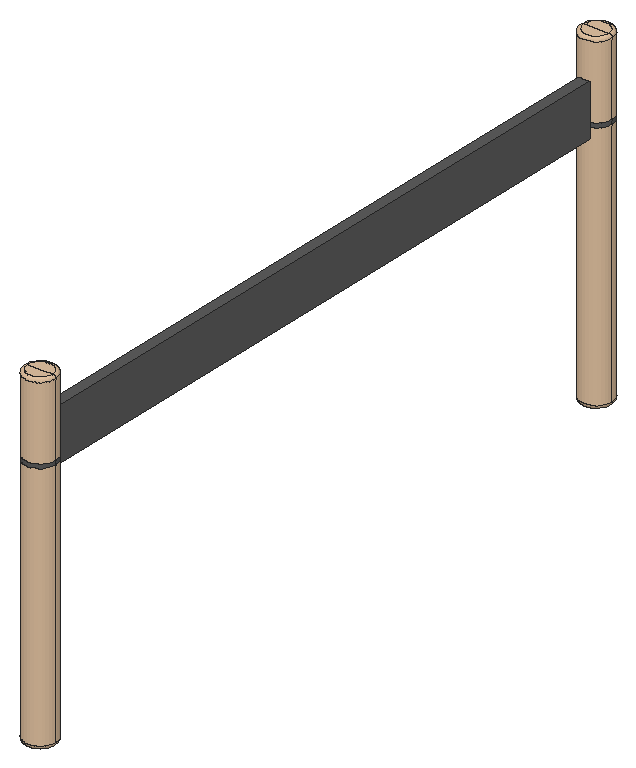
Revit family "FU_Leg_LAP0110", category Furniture, Revit 2020
Family settings
  OmniClass Number = 23.40.20.00
  OmniClass Title = General Furniture and Specialties
  Work Plane-Based = No
  Always vertical = Yes
  Cut with Voids When Loaded = No
  Shared = No
  Room Calculation Point = No
Parameters (values of type "LAP0110 Leg")
  Wood [instance] = Wood - Oak - Natural - V
  Width = 700 mm
  URL = "https://www.sandlerseating.com/product/lapse-wooden-leg/"
  Model = "LAPSE 0110"
  Manufacturer = "Sandler"
  Leg height = 320 mm
  Frame [instance] = Epoxy - M1_B00 - Black
  Description = "Solid wood legs for Lapse in Oak with optional, adjustable glides."
  Depth = 30 mm
  Default Elevation = 0 mm
Reference planes
  plane 1 "Center (Front/Back)": y = 0
  plane 2: z = 0
  plane 3 "Center (Left/Right)": x = 0
  plane 4 "Right": y = -350
  plane 5 "Left": y = 350
  plane 6: x = -15
  plane 7: x = 15
  plane 8 "Leg Height": z = 320
  plane 9 "Support height": z = 283
  plane 10 "Back Foot TOP": y = 335
  plane 11 "Front Foot TOP": y = -335
Forms (mm)
  Extrusion 1, solid, material "Epoxy - M1_B00 - Black" <- "Frame"
    sketch origin (0, 0, 0) x (0, 1, 0) y (0, 0, 1)
      loop
        line (335, 283) -> (-335, 283) -> (-335, 233) -> (335, 233) -> (335, 283)
    from 5 to -5
  Revolve 2, solid, material "Wood - Oak - Natural - V" <- "Wood"
    sketch origin (0, 335, 0) x (-1, 0, 0) y (0, 0, 1)
      loop
        arc (12, 0) -> (14.121, 0.879) -> (15, 3) r 3
        line (15, 3) -> (15, 242.868) -> (0, 242.868) -> (0, 0) -> (12, 0)
      axis (0, 0) -> (0, 242.868)
    angle from 0 to 360
  Revolve 3, solid, material "Wood - Oak - Natural - V" <- "Wood"
    sketch origin (0, 335, 0) x (-1, 0, 0) y (0, 0, 1)
      loop
        line (12, 320) -> (0, 320) -> (0, 247.038) -> (15, 247.038) -> (15, 317)
        arc (15, 317) -> (14.121, 319.121) -> (12, 320) r 3
      axis (0, 320) -> (0, 247.038)
    angle from 0 to 360
  Revolve 4, solid, material "Epoxy - M1_B00 - Black" <- "Frame"
    sketch origin (0, 335, 0) x (-1, 0, 0) y (0, 0, 1)
      loop
        line (0, 242.868) -> (15, 242.868) -> (15, 247.038) -> (0, 247.038) -> (0, 242.868)
      axis (0, 247.038) -> (0, 242.868)
    angle from 0 to 360
  Revolve 5, solid, material "Wood - Oak - Natural - V" <- "Wood"
    sketch origin (0, -335, 0) x (-1, 0, 0) y (0, 0, 1)
      loop
        arc (12, 0) -> (14.121, 0.879) -> (15, 3) r 3
        line (15, 3) -> (15, 242.868) -> (0, 242.868) -> (0, 0) -> (12, 0)
      axis (0, 0) -> (0, 242.868)
    angle from 0 to 360
  Revolve 6, solid, material "Wood - Oak - Natural - V" <- "Wood"
    sketch origin (0, -335, 0) x (-1, 0, 0) y (0, 0, 1)
      loop
        line (12, 320) -> (0, 320) -> (0, 247.038) -> (15, 247.038) -> (15, 317)
        arc (15, 317) -> (14.121, 319.121) -> (12, 320) r 3
      axis (0, 320) -> (0, 247.038)
    angle from 0 to 360
  Revolve 7, solid, material "Epoxy - M1_B00 - Black" <- "Frame"
    sketch origin (0, -335, 0) x (-1, 0, 0) y (0, 0, 1)
      loop
        line (0, 242.868) -> (15, 242.868) -> (15, 247.038) -> (0, 247.038) -> (0, 242.868)
      axis (0, 247.038) -> (0, 242.868)
    angle from 0 to 360
Dimensions and locks
  equal spacing: plane 4 "Right", plane 1 "Center (Front/Back)", plane 5 "Left"
  "Width": plane 4 "Right" to plane 5 "Left"
  equal spacing: plane 7, plane 3 "Center (Left/Right)", plane 6
  "Depth": plane 7 to plane 6
  "Leg height": plane 8 "Leg Height" to level
  locked: plane 5 "Left" to plane 10 "Back Foot TOP" at 15
  locked: plane 11 "Front Foot TOP" to plane 4 "Right" at 15
  aligned and locked: level to plane 2
  aligned and locked: plane 9 "Support height" to Extrusion 1 sketch curve
  aligned and locked: plane 11 "Front Foot TOP" to Extrusion 1
  aligned and locked: plane 10 "Back Foot TOP" to Extrusion 1
Automatic sketch dimensions
  Extrusion 1 sketch curve to plane 11 "Front Foot TOP" = 0 mm
  Extrusion 1 sketch curve to plane 10 "Back Foot TOP" = 0 mm
  Extrusion 1 sketch curve to plane 9 "Support height" = 50 mm
  Revolve 2 sketch curve to level = 0 mm
  Revolve 2 sketch curve to plane 3 "Center (Left/Right)" = 0 mm  (x2)
  Revolve 2 sketch curve to plane 6 = 0 mm
  level to Revolve 2 sketch curve = 3 mm
  Revolve 2 sketch curve to plane 9 "Support height" = 40.132 mm
  Revolve 2 sketch curve to level = 5 mm
  level to Revolve 2 sketch curve = 25 mm
  Revolve 3 sketch curve to plane 3 "Center (Left/Right)" = 0 mm  (x2)
  Revolve 3 sketch curve to plane 8 "Leg Height" = 0 mm
  Revolve 3 sketch curve to plane 6 = 0 mm
  Revolve 3 sketch curve to Revolve 3 sketch curve = 3 mm
  Revolve 3 sketch curve to plane 9 "Support height" = 35.962 mm
  Revolve 3 sketch curve to plane 8 "Leg Height" = 10 mm
  Revolve 3 sketch curve to Revolve 3 sketch curve = 5 mm
  Revolve 4 sketch curve to plane 3 "Center (Left/Right)" = 0 mm  (x2)
  Revolve 4 sketch curve to plane 6 = 0 mm
  Revolve 4 sketch curve to plane 9 "Support height" = 40.132 mm
  Revolve 4 sketch curve to Revolve 4 sketch curve = 4.169 mm
  Revolve 4 sketch curve to Revolve 4 sketch curve = 4.469 mm
  Revolve 4 sketch curve to Revolve 4 sketch curve = 10 mm
  Revolve 5 sketch curve to level = 0 mm
  Revolve 5 sketch curve to plane 3 "Center (Left/Right)" = 0 mm  (x2)
  Revolve 5 sketch curve to plane 6 = 0 mm
  Revolve 5 sketch curve to level = 3 mm
  plane 9 "Support height" to Revolve 5 sketch curve = 40.132 mm
  level to Revolve 5 sketch curve = 5 mm
  Revolve 5 sketch curve to level = 25 mm
  Revolve 6 sketch curve to plane 3 "Center (Left/Right)" = 0 mm  (x2)
  Revolve 6 sketch curve to plane 8 "Leg Height" = 0 mm
  Revolve 6 sketch curve to plane 6 = 0 mm
  Revolve 6 sketch curve to Revolve 6 sketch curve = 3 mm
  plane 9 "Support height" to Revolve 6 sketch curve = 35.962 mm
  plane 8 "Leg Height" to Revolve 6 sketch curve = 10 mm
  Revolve 6 sketch curve to Revolve 6 sketch curve = 5 mm
  Revolve 7 sketch curve to plane 3 "Center (Left/Right)" = 0 mm  (x2)
  Revolve 7 sketch curve to plane 6 = 0 mm
  plane 9 "Support height" to Revolve 7 sketch curve = 40.132 mm
  Revolve 7 sketch curve to Revolve 7 sketch curve = 4.169 mm
  Revolve 7 sketch curve to Revolve 7 sketch curve = 4.469 mm
  Revolve 7 sketch curve to Revolve 7 sketch curve = 10 mm
